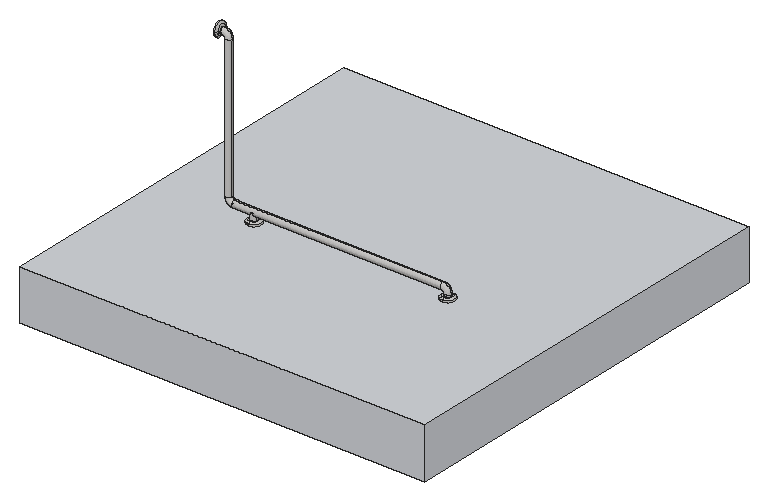
Revit family
Parameters (values of type "8120-059000")
  Warranty Information = "Complete unit, one (1) year"  # constant formula
  Version = "1.0"  # constant formula
  Technical Data = "http://www.bradleycorp.com/products/techdata/8810.pdf"
  Radius = Diameter / 2  # 0' - 0 3/4"
  Percentage of Recycled Content = 63.68
  Overall Length = Length B + Diameter + 0' 2 3/8"  # 4' - 7 7/8"
  Material and Finish = Bradley Corp Stainless Steel - Satin
  URL = "www.bradleycorp.com"
  Type Comments = "All grab bar configurations are specified using centerline to centerline dimensions."  # constant formula
  OmniClass Title = ""
  OmniClass Number = 0
  Modeling Code = ""
  Model = "8120-059000"
  Material Note = "FLANGES - 13GA., ESCUTCHEONS - 22GA., TUBING - 18GA."  # constant formula
  MasterFormat Section Title = ""
  MasterFormat Section Number = 0
  Manufacturer = "Bradley Corporation"  # constant formula
  Length B = 4' - 4"
  Length A = 3' - 0"
  LEED Credit = ""
  Instructions [instance] = "This is a face mounted fixture."  # constant formula
  Industry Standards = "ANSI Standard A117.1, ADA, ABA, ADAAG, UFAS"  # constant formula
  Fire Rating = "None"  # constant formula
  Diameter = 0' - 1 1/2"  # constant formula
  Description = "Grab Bars"
  Default Elevation = 2' - 9"  # constant formula
  Copyright = "This Model Data is Property of Bradley Corporation"  # constant formula
  Complies to NAFTA = "Yes"  # constant formula
  Complies To Buy American Act = "Yes"  # constant formula
  Assembly Code = "C1030200"
  ADA Compliant = "Yes"  # constant formula
Reference planes (in)
  plane 1 "Center (Front/Back)": y = -21.125
  plane 2: z = 0
  plane 3 "Center (Left/Right)": x = -34.0625
  plane 4: x = 20.1875
  plane 5: z = 3
  plane 6: y = -20.375
  plane 7: y = -21.875
  plane 8: z = 38.25
Forms (in)
  Extrusion 1, solid
    sketch origin (-1.1875, -13.25, 0) x (1, 0, 0) y (0, 1, 0)
      loop
        line (-48, 48) -> (-48, -48) -> (48, -48) -> (48, 48) -> (-48, 48)
    from 0 to -12
Dimensions and locks (in)
  locked: plane 5 to Extrusion 1 at 3
  equal spacing: plane 7, plane 1 "Center (Front/Back)", plane 6
  plane 8 to nested 1 = 3' - 0"
  nested 1 to plane 4 = 4' - 4"
  "Length A": plane 8 to nested 1
  nested 1 to plane 3 "Center (Left/Right)" = 0' - 8 1/4"
  "Length B": nested 1 to plane 4
  aligned and locked: plane 2 to Extrusion 1
  aligned and locked: level to Extrusion 1
  aligned and locked: Extrusion 1 to nested 1
Automatic sketch dimensions
  Extrusion 1 sketch curve to Extrusion 1 sketch curve = 8' - 0"  (x2)
Nested families (in)
  nested 1: "812059-Model" at (-49.78125, -21.125, 0.9784) x (1, 0, 0) z (0, 1, 0), type "8120"
Definition of nested family "812059-Model"
  Parameters (values of type "8120")
    Radius = Diameter / 2  # 0' - 0 3/4"
    Manufacturer = "Bradley Corporation"  # constant formula
    Diameter = 0' - 1 1/2"
    Default Elevation = 4' - 0"
    Color Selection = Bradley Corp Stainless Steel - Satin
    B = 4' - 4"
    Assembly Code = ""
    A = 3' - 0"
  Reference planes (in)
    plane 1 "Center (Front/Back)": y = 0.9784
    plane 2: z = 0
    plane 3 "Center (Left/Right)": x = 47.84375
    plane 4: z = 0.75
    plane 5: z = -0.75
    plane 6: x = 23.96875
    plane 7: x = 69.96875
    plane 8: y = -0.5216
    plane 9: y = -2.0216
    plane 10: y = -37.2716
    plane 11: x = 15.71875
    plane 12: x = 17.96875
    plane 13: y = -1.2716
    plane 14: x = 17.21875
  Forms (in)
    Sweep 1, solid, material "Bradley Corp Stainless Steel - Satin" <- "Color Selection"
      path origin (0, 0, 0) x (1, 0, 0) y (0, 1, 0)
        loop
          line (15.71875, -37.2716) -> (16.786, -37.2716)
          arc (16.786, -37.2716) -> (17.62233, -36.92518) -> (17.96875, -36.08885) r 1.18275
          line (17.96875, -36.08885) -> (17.96875, -2.6466)
          arc (17.96875, -2.6466) -> (18.37148, -1.67433) -> (19.34375, -1.2716) r 1.375
          line (19.34375, -1.2716) -> (68.84375, -1.2716)
          arc (68.84375, -1.2716) -> (69.63925, -0.94209) -> (69.96875, -0.1466) r 1.125
          line (69.96875, -0.1466) -> (69.96875, 0.9784)
      profile origin (44.09375, -1.2716, 0) x (0, 1, 0) y (0, 0, 1)
        loop
          circle (0, 0) r 0.75
    Revolve 2, solid, material "Bradley Corp Stainless Steel - Satin" <- "Color Selection"
      sketch origin (23.96875, 19.09771, 48) x (0, 1, 0) y (0, 0, 1)
        loop
          line (-18.11931, -46.375) -> (-18.36931, -46.375) -> (-18.63873, -46.91385)
          arc (-18.63873, -46.91385) -> (-18.71755, -47.13132) -> (-18.74431, -47.36107) r 1
          line (-18.74431, -47.36107) -> (-18.74431, -48) -> (-18.11931, -48) -> (-18.11931, -46.375)
        axis (-18.74431, -48) -> (-18.11931, -48)
      angle from 0 to 360
    Revolve 3, solid, material "Bradley Corp Stainless Steel - Satin" <- "Color Selection"
      sketch origin (69.96875, 19.09771, 45.28125) x (0, 1, 0) y (0, 0, 1)
        loop
          line (-18.11931, -43.65625) -> (-18.36931, -43.65625) -> (-18.63873, -44.1951)
          arc (-18.63873, -44.1951) -> (-18.71755, -44.41257) -> (-18.74431, -44.64232) r 1
          line (-18.74431, -44.64232) -> (-18.74431, -45.28125) -> (-18.11931, -45.28125) -> (-18.11931, -43.65625)
        axis (-18.74431, -45.28125) -> (-18.11931, -45.28125)
      angle from 0 to 360
    Revolve 4, solid, material "Bradley Corp Stainless Steel - Satin" <- "Color Selection"
      sketch origin (-48.28007, -37.2716, 48) x (-1, 0, 0) y (0, 0, 1)
        loop
          line (-63.99882, -46.375) -> (-64.24882, -46.375) -> (-64.51824, -46.91385)
          arc (-64.51824, -46.91385) -> (-64.59707, -47.13132) -> (-64.62382, -47.36107) r 1
          line (-64.62382, -47.36107) -> (-64.62382, -48) -> (-63.99882, -48) -> (-63.99882, -46.375)
        axis (-64.62382, -48) -> (-63.99882, -48)
      angle from 0 to 360
    Extrusion 5, solid, material "Bradley Corp Stainless Steel - Satin" <- "Color Selection"
      sketch origin (0, 0.9784, 0) x (1, 0, 0) y (0, 0, 1)
        loop
          circle (23.96875, 0) r 0.75
      from 0 to 2.2754
  Cuts and joins
    joined: Revolve 2, Revolve 3, Revolve 4, Extrusion 5
  Dimensions and locks (in)
    equal spacing: plane 4, level, plane 5
    "Diameter": plane 4 to plane 5
    "B": plane 12 to plane 7
    locked: plane 8 to plane 1 "Center (Front/Back)" at 1.5
    "Diameter": plane 8 to plane 9
    locked: plane 11 to plane 6 at 8.25
    "A": plane 10 to plane 13
    plane 11 to plane 12 = 0' - 2 1/4"
    "Radius": plane 13 to plane 8
    plane 8 to plane 1 "Center (Front/Back)" = 0' - 1 1/2"
    plane 13 to plane 1 "Center (Front/Back)" = 0' - 2 1/4"
    locked: plane 11 to plane 14 at 1.5
    plane 14 to plane 12 = 0' - 0 3/4"
    "Radius": radius of Extrusion 5 sketch curve
    "Radius": radius of Sweep 1 sketch curve
    aligned and locked: plane 7 to Sweep 1 sketch curve
    aligned and locked: plane 11 to Revolve 4
    aligned and locked: Sweep 1 sketch curve to plane 12
    aligned and locked: plane 13 to Sweep 1 sketch curve
  Automatic sketch dimensions
    Revolve 2 sketch curve to level = 0' - 0"  (x2)
    Revolve 2 sketch curve to plane 1 "Center (Front/Back)" = 0' - 0"
    Revolve 2 sketch curve to Revolve 2 sketch curve = 0' - 0 1/4"
    Revolve 2 sketch curve to plane 4 = 0' - 0.33615"
    plane 1 "Center (Front/Back)" to Revolve 2 sketch curve = 0' - 0.51943"
    Revolve 2 sketch curve to Revolve 2 sketch curve = 0' - 0 5/8"
    plane 8 to Revolve 2 sketch curve = 0' - 0 1/4"
    plane 4 to Revolve 2 sketch curve = 0' - 0.11107"
    Revolve 2 sketch curve to plane 1 "Center (Front/Back)" = 0' - 0.67028"
    Revolve 2 sketch curve to Revolve 2 sketch curve = 0' - 0.53885"
    Revolve 3 sketch curve to level = 0' - 0"  (x2)
    Revolve 3 sketch curve to plane 1 "Center (Front/Back)" = 0' - 0"
    plane 1 "Center (Front/Back)" to Revolve 3 sketch curve = 0' - 0 1/4"
    Revolve 3 sketch curve to plane 4 = 0' - 0.33615"
    plane 1 "Center (Front/Back)" to Revolve 3 sketch curve = 0' - 0.51943"
    plane 1 "Center (Front/Back)" to Revolve 3 sketch curve = 0' - 0 5/8"
    plane 8 to Revolve 3 sketch curve = 0' - 0 1/4"
    plane 4 to Revolve 3 sketch curve = 0' - 0.11107"
    Revolve 3 sketch curve to Revolve 3 sketch curve = 0' - 0.67028"
    Revolve 3 sketch curve to Revolve 3 sketch curve = 0' - 0.53885"
    Revolve 4 sketch curve to level = 0' - 0"  (x2)
    Revolve 4 sketch curve to plane 6 = 0' - 7"
    plane 4 to Revolve 4 sketch curve = 0' - 0.11107"
    Revolve 4 sketch curve to Revolve 4 sketch curve = 0' - 0 5/8"
    Revolve 4 sketch curve to plane 4 = 0' - 0.33615"
    Revolve 4 sketch curve to Revolve 4 sketch curve = 0' - 0.10557"
    Revolve 4 sketch curve to Revolve 4 sketch curve = 0' - 0.26943"
    Revolve 4 sketch curve to Revolve 4 sketch curve = 0' - 0 1/4"
    Revolve 4 sketch curve to Revolve 4 sketch curve = 0' - 0.67028"
    Revolve 4 sketch curve to Revolve 4 sketch curve = 0' - 0.53885"
    Sweep 1 sketch curve to level = 0' - 0"
    Sweep 1 sketch curve to profile plane = 0' - 0"
    Sweep 1 sketch curve to plane 10 = 0' - 0"
    Sweep 1 sketch curve to plane 11 = 0' - 0"
    Sweep 1 sketch curve to plane 1 "Center (Front/Back)" = 0' - 0"
    Sweep 1 sketch curve to Sweep 1 sketch curve = 0' - 1.06725"
    plane 8 to Sweep 1 sketch curve = 0' - 0 3/8"
    Sweep 1 sketch curve to plane 9 = 0' - 0 5/8"
    Extrusion 5 sketch curve to level = 0' - 0"
    Extrusion 5 sketch curve to plane 6 = 0' - 0"
